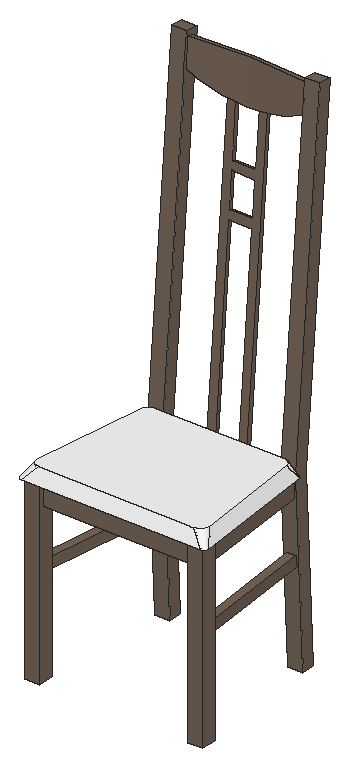
Revit family
Parameters (values of type "UK_Mdrn Dining Chair")
  Cost = 500000
  Material Structure = Wood - Mahogany
  Material Chair Covering = Fabric - Beige
  Assembly Code = ""
Reference planes
  plane 1 "Center (Front/Back)": y = 0
  plane 2: z = 0
  plane 3 "Center (Left/Right)": x = 0
  plane 4: x = -192.5
  plane 5: x = 192.5
  plane 6: y = 117
  plane 7: y = -200
  plane 8: z = 425
  plane 9: z = 1225
  plane 10: z = 250
  plane 11: x = -157.5
  plane 12: x = 157.5
  plane 13: through (-192.5, -182.5, 1200) normal (-0.9935, 0.1142, 0)
  plane 14: through (-192.5, -182.5, 1200) normal (-0.9935, 0.1142, 0)
  plane 15: z = 1122.124
  plane 16: z = 1215
Forms (mm)
  Extrusion 1, solid, material "Wood - Mahogany"
    sketch origin (0, 0, 0) x (1, 0, 0) y (0, 1, 0)
      loop
        line (-210, -217.5) -> (-175, -217.5) -> (-175, -182.5) -> (-210, -182.5) -> (-210, -217.5)
      loop
        line (210, -217.5) -> (210, -182.5) -> (175, -182.5) -> (175, -217.5) -> (210, -217.5)
    from 0 to 425
  Sweep 2, solid, material "Wood - Mahogany"
    path origin (-157.5, 175.942, 1200) x (0, 1, 0) y (0, 0, 1)
      loop
        line (-38.942, -1200) -> (-58.942, -775) -> (11.048, 25)
    profile origin (-157.5, 117, 425) x (0, -0.998895, -0.047007) y (1, 0, 0)
      loop
        line (15, -17.5) -> (15, 17.5) -> (-15, 17.5) -> (-15, -17.5) -> (15, -17.5)
  Sweep 3, solid, material "Wood - Mahogany"
    path origin (157.5, 175.942, 1200) x (0, 1, 0) y (0, 0, -1)
      loop
        line (-38.942, 1200) -> (-58.942, 775) -> (11.048, -25)
    profile origin (157.5, 117, 425) x (0, 0.998895, 0.047007) y (-1, 0, 0)
      loop
        line (-15, -17.5) -> (15, -17.5) -> (15, 17.5) -> (-15, 17.5) -> (-15, -17.5)
  Extrusion 4, solid, material "Wood - Mahogany"
    sketch origin (0, 0, 0) x (1, 0, 0) y (0, 1, 0)
      loop
        line (-182.434, -182.5) -> (-147.434, 122.017) -> (-167.566, 122.017) -> (-202.566, -182.5) -> (-182.434, -182.5)
    from 225.45 to 250.45
  Extrusion 5, solid, material "Wood - Mahogany" <- "Material Structure"
    sketch origin (0, 0, 0) x (1, 0, 0) y (0, 1, 0)
      loop
        line (-169.87, 101.969) -> (-202.566, -182.5) -> (-187.467, -182.5) -> (-154.771, 101.969) -> (-169.87, 101.969)
      loop
        line (-175, -210) -> (175, -210) -> (175, -195) -> (-175, -195) -> (-175, -210)
      loop
        line (-140, 96.447) -> (140, 96.447) -> (140, 126.447) -> (-140, 126.447) -> (-140, 96.447)
      loop
        line (169.87, 101.969) -> (154.771, 101.969) -> (187.467, -182.5) -> (202.566, -182.5) -> (169.87, 101.969)
    from 375 to 425
  Extrusion 6, solid, material "Wood - Mahogany"
    sketch origin (0, 0, 0) x (0, 1, 0) y (1, 0, 0)
      loop
        line (-182.5, 182.434) -> (122.017, 147.434) -> (122.017, 167.566) -> (-182.5, 202.566) -> (-182.5, 182.434)
    from 225.45 to 250.45
  Blend 7, solid, material "Fabric - Beige" <- "Material Chair Covering"
    base sketch origin (-550.149, 0, 425) x (-1, 0, 0) y (0, -1, 0)
      loop
        arc (-761.483, 225) -> (-768.947, 221.655) -> (-771.417, 213.858) r 10
        line (-771.417, 213.858) -> (-735.117, -101.969) -> (-365.18, -101.969) -> (-328.88, 213.858)
        arc (-328.88, 213.858) -> (-331.35, 221.655) -> (-338.814, 225) r 10
        line (-338.814, 225) -> (-761.483, 225)
    top sketch origin (-550.149, 0, 425) x (-1, 0, 0) y (0, -1, 0)
      loop
        line (-377.608, -78.731) -> (-346.983, 187.716)
        arc (-346.983, 187.716) -> (-351.925, 203.31) -> (-366.852, 210) r 20
        line (-366.852, 210) -> (-733.445, 210)
        arc (-733.445, 210) -> (-748.372, 203.31) -> (-753.314, 187.716) r 20
        line (-753.314, 187.716) -> (-722.689, -78.731)
        arc (-722.689, -78.731) -> (-716.131, -91.375) -> (-702.82, -96.447) r 20
        line (-702.82, -96.447) -> (-397.477, -96.447)
        arc (-397.477, -96.447) -> (-384.167, -91.375) -> (-377.608, -78.731) r 20
    from 0 to 30
  Extrusion 8, solid, material "Wood - Mahogany" <- "Material Structure"
    sketch origin (175, 101.969, 425.302) x (0, 0.087156, 0.996195) y (-1, 0, 0)
      loop
        line (0.525, 222.5) -> (0.525, 202.5) -> (450.847, 202.5) -> (450.847, 147.5) -> (0.525, 147.5) -> (0.525, 127.5) -> (700.525, 127.5) -> (700.525, 147.5) -> (571.607, 147.5) -> (571.607, 202.5) -> (700.525, 202.5) -> (700.525, 222.5) -> (0.525, 222.5)
      loop
        line (551.607, 147.5) -> (551.607, 202.5) -> (470.847, 202.5) -> (470.847, 147.5) -> (551.607, 147.5)
    from -22.806 to -15.806
  Extrusion 9, solid, material "Wood - Mahogany"
    sketch origin (40.405, 164.383, 1123.043) x (-1, 0, 0) y (0, -0.996195, 0.087156)
      loop
        arc (180.405, -2.324) -> (40.364, -11.728) -> (-99.595, -1.173) r 987
        line (-99.595, -1.173) -> (-99.595, -13.017)
        arc (-99.595, -13.017) -> (40.405, -22.865) -> (180.405, -13.017) r 1000
        line (180.405, -13.017) -> (180.405, -2.324)
    from -16.887 to 93.085
  Extrusion 10, void
    sketch origin (175, 101.969, 425.302) x (0, -0.087156, -0.996195) y (-1, 0, 0)
      loop
        line (-727.067, 35) -> (-667.067, 35) -> (-667.067, 315) -> (-727.067, 315)
        arc (-727.067, 315) -> (-692.649, 175) -> (-727.067, 35) r 301.947
    from 0 to 26.579
Cuts and joins
  Extrusion 10 cuts Extrusion 1
  Extrusion 10 cuts Sweep 2
  Extrusion 10 cuts Sweep 3
  Extrusion 10 cuts Extrusion 4
  Extrusion 10 cuts Extrusion 6
  joined: Extrusion 1, Sweep 2, Sweep 3, Extrusion 4, Extrusion 6
  Extrusion 10 cuts Extrusion 5
  joined: Extrusion 5, Extrusion 8
  Extrusion 10 cuts Blend 7
  Extrusion 10 cuts Extrusion 9
Dimensions and locks
  aligned and locked: plane 8 to Extrusion 1
  aligned and locked: Extrusion 1 to Extrusion 4 sketch curve
  aligned and locked: plane 8 to Extrusion 5
  aligned and locked: cut or joined group of Extrusion 1, Sweep 2, Sweep 3, Extrusion 4, Extrusion 6, Extrusion 10 to Extrusion 9 sketch curve  (x2)
